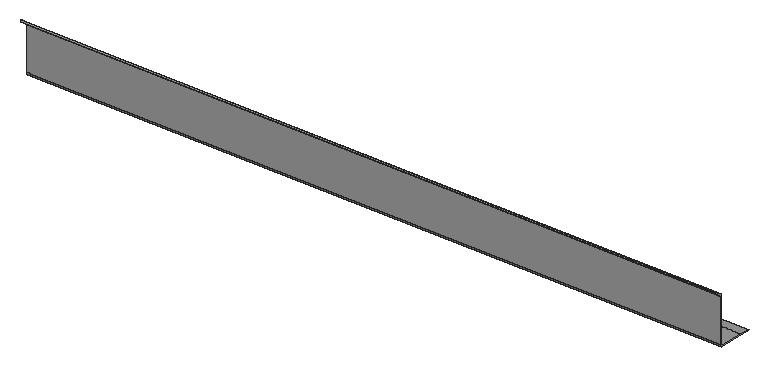
Revit family "SBK 1950-2250", category Generic Models, Revit 2014
Parameters (values of type "Max lintel length 2250mm")
  URL = "http://www.keystonelintels.co.uk"
  Structural Opening [instance] = 1600 mm
  Structural Performance = "The Keystone lintel range has safe working loads as detailed in each applicable loading table in the Keystone Lintel Guide brochure. The structural performance figures within each table have been ascertained by testing in accordance with the requirements of standards BS EN 5977-2: 1983 and BS EN 845-2: 2003."
  RIBA Productor Selector = "available for Keystone Lintels Ltd from Keystone Lintels Ltd from ribaproductselector.com"
  Model = "SB/K 1950-2250"
  Min Length = 1950 mm
  Min Clear Span = 300 mm
  Max Length = 2250 mm
  Max Clear Span = 4800 mm
  Material - Stainless Steel = "Grade 304 2b 1.4307 to BS EN 10088-2. Other grades available on request: contact manufacturer."
  Material - Galvanised Steel = "To BS EN 10346: 2009. DX51D plus Z600 or grade Z275 to BS 5977-2: 1983 (BS EN 845-2: 2003)."
  Manufacturer = "Keystone"
  Manufactured Length [instance] = (roundup(Effective Length / 150 mm) * 150 mm)  # 1950 mm
  Lintel height [instance] = 2100 mm
  Keynote = "F30/755"
  Fire Performance = "Keystone lintels have been subjected to a fire test (WARRES No. 101263) in accordance with BS 476-20: 1987, at Exova Warrington Fire and achieved a one hour fire performance."
  End Bearing = 150 mm
  Effective Length [instance] = Clear Opening with MIN MAX set + End Bearing * 2  # 1900 mm
  Corrosion = "Keystone’s standard range of lintels are manufactured from high quality grade pre-galvanized carbon steel with a zinc coating of 600"
  Contact Tel = "+44 (0)28 8676 2184"
  Contact Email = "info@keystonelintels.co.uk"
  Clear Opening with MIN MAX set [instance] = if(Structural Opening < Min Clear Span, Min Clear Span, (if(Structural Opening > Max Clear Span, Max Clear Span, Structural Opening)))  # 1600 mm
  CPD Information = "Available for Keystone Lintels Ltd from ribacpd.com"
Reference planes
  plane 1 "Center (Front/Back)": y = 0
  plane 2: z = 0
  plane 3 "Center (Left/Right)": x = 0
  plane 4: x = -975
  plane 5: x = 975
  plane 6: z = 2100
  plane 7: x = -800
  plane 8: x = 800
Forms (mm)
  Extrusion 1, solid, material "Steel"
    sketch origin (0, 754.273, -535.666) x (0, 1, 0) y (0, 0, 1)
      loop
        line (-681.006, 2638.866) -> (-746.094, 2638.866)
        arc (-746.094, 2638.866) -> (-749.63, 2640.33) -> (-751.094, 2643.866) r 5
        line (-751.094, 2643.866) -> (-751.094, 2765.448)
        arc (-751.094, 2765.448) -> (-751.682, 2767.849) -> (-753.311, 2769.708) r 5.2
        line (-753.311, 2769.708) -> (-776.143, 2785.694) -> (-777.978, 2783.073) -> (-755.147, 2767.086)
        arc (-755.147, 2767.086) -> (-754.52, 2766.372) -> (-754.294, 2765.449) r 2
        line (-754.294, 2765.449) -> (-754.253, 2643.863)
        arc (-754.253, 2643.863) -> (-751.871, 2638.075) -> (-746.094, 2635.666) r 8.179
        line (-746.094, 2635.666) -> (-681.063, 2635.666) -> (-656.106, 2634.788) -> (-655.994, 2637.986) -> (-681.006, 2638.866)
    from -975 to 975
  Extrusion 2, solid, not visible
    sketch origin (0, 825.317, 1109.562) x (0, 1, 0) y (0, 0, 1)
      loop
        line (-681.006, 1038.866) -> (-746.094, 1038.866)
        arc (-746.094, 1038.866) -> (-749.63, 1040.33) -> (-751.094, 1043.866) r 5
        line (-751.094, 1043.866) -> (-751.094, 1165.448)
        arc (-751.094, 1165.448) -> (-751.682, 1167.849) -> (-753.311, 1169.708) r 5.2
        line (-753.311, 1169.708) -> (-776.143, 1185.694) -> (-777.978, 1183.073) -> (-755.147, 1167.086)
        arc (-755.147, 1167.086) -> (-754.52, 1166.372) -> (-754.294, 1165.449) r 2
        line (-754.294, 1165.449) -> (-754.253, 1043.863)
        arc (-754.253, 1043.863) -> (-751.871, 1038.075) -> (-746.094, 1035.666) r 8.179
        line (-746.094, 1035.666) -> (-681.063, 1035.666) -> (-656.106, 1034.788) -> (-655.994, 1037.986) -> (-681.006, 1038.866)
    from 0 to 250
Dimensions and locks
  equal spacing: plane 4, plane 3 "Center (Left/Right)", plane 5
  "Manufactured Length": plane 4 to plane 5
  "Lintel height": plane 6 to level
  "Structural Opening": plane 7 to plane 8
  equal spacing: plane 7, plane 3 "Center (Left/Right)", plane 8
  aligned and locked: level to plane 2
  aligned and locked: Extrusion 1 to plane 6
  aligned and locked: plane 5 to Extrusion 1
  aligned and locked: Extrusion 1 to plane 4
Automatic sketch dimensions
  Extrusion 1 sketch curve to Extrusion 1 sketch curve = 0.112 mm
  Extrusion 1 sketch curve to Extrusion 1 sketch curve = 25.012 mm
  Extrusion 1 sketch curve to Extrusion 1 sketch curve = 3.198 mm
  Extrusion 1 sketch curve to Extrusion 1 sketch curve = 0.056 mm
  Extrusion 1 sketch curve to Extrusion 1 sketch curve = 65.031 mm
  Extrusion 1 sketch curve to Extrusion 1 sketch curve = 0 mm  (x2)
  Extrusion 1 sketch curve to Extrusion 1 sketch curve = 0.021 mm  (x2)
  Extrusion 1 sketch curve to Extrusion 1 sketch curve = 4.979 mm
  Extrusion 1 sketch curve to Extrusion 1 sketch curve = 8.179 mm
  Extrusion 1 sketch curve to Extrusion 1 sketch curve = 121.582 mm
  Extrusion 1 sketch curve to Extrusion 1 sketch curve = 0.001 mm  (x2)
  Extrusion 1 sketch curve to Extrusion 1 sketch curve = 2 mm
  Extrusion 1 sketch curve to Extrusion 1 sketch curve = 0.853 mm
  Extrusion 1 sketch curve to Extrusion 1 sketch curve = 15.987 mm
  Extrusion 1 sketch curve to Extrusion 1 sketch curve = 1.836 mm
  Extrusion 1 sketch curve to Extrusion 1 sketch curve = 1.835 mm
  Extrusion 1 sketch curve to Extrusion 1 sketch curve = 2.621 mm
  Extrusion 2 sketch curve to Extrusion 2 sketch curve = 0.112 mm
  Extrusion 2 sketch curve to Extrusion 2 sketch curve = 25.012 mm
  Extrusion 2 sketch curve to Extrusion 2 sketch curve = 3.198 mm
  Extrusion 2 sketch curve to Extrusion 2 sketch curve = 0.056 mm
  Extrusion 2 sketch curve to Extrusion 2 sketch curve = 65.031 mm
  Extrusion 2 sketch curve to Extrusion 2 sketch curve = 0 mm  (x2)
  Extrusion 2 sketch curve to Extrusion 2 sketch curve = 0.021 mm  (x2)
  Extrusion 2 sketch curve to Extrusion 2 sketch curve = 4.979 mm
  Extrusion 2 sketch curve to Extrusion 2 sketch curve = 8.179 mm
  Extrusion 2 sketch curve to Extrusion 2 sketch curve = 121.582 mm
  Extrusion 2 sketch curve to Extrusion 2 sketch curve = 0.001 mm  (x2)
  Extrusion 2 sketch curve to Extrusion 2 sketch curve = 2 mm
  Extrusion 2 sketch curve to Extrusion 2 sketch curve = 0.853 mm
  Extrusion 2 sketch curve to Extrusion 2 sketch curve = 15.987 mm
  Extrusion 2 sketch curve to Extrusion 2 sketch curve = 1.836 mm
  Extrusion 2 sketch curve to Extrusion 2 sketch curve = 1.835 mm
  Extrusion 2 sketch curve to Extrusion 2 sketch curve = 2.621 mm
  Extrusion 1 sketch curve to plane 6 = 0 mm
  plane 1 "Center (Front/Back)" to Extrusion 1 sketch curve = 23.705 mm
